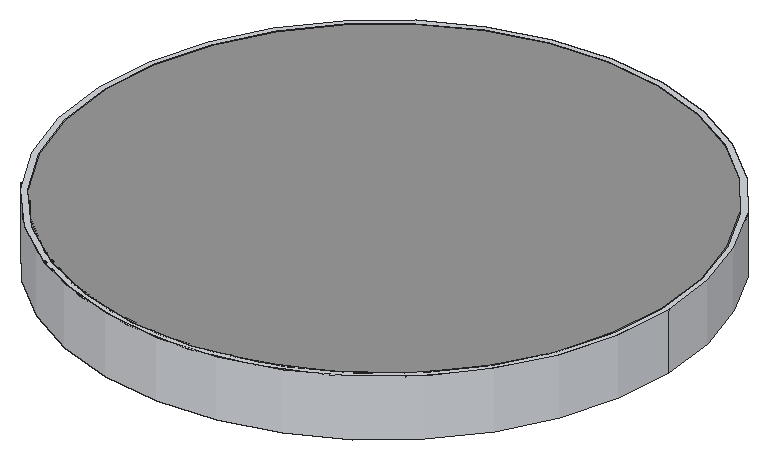
Revit family "2071171", category Lighting Fixtures, host Face, Revit 2018
Family settings
  Host = Face
  Round Connector Dimension = Use Diameter
  Part Type = Normal
  OmniClass Number = 23.80.70.00
  OmniClass Title = Lighting
  Cut with Voids When Loaded = No
  Light Source = Yes
  Shared = No
  Room Calculation Point = No
Parameters (values of type "2071171 COLOSSAL 600 830 PR DIR WHT SSA02")
  iner diameter = 588 mm
  Weight = "n/a"
  Wattage Comments = ""
  Wattage = 30 W
  WarrantyStartDate [instance] = "n/a"
  WarrantyGuarantorParts = "n/a"
  WarrantyDurationUnit = "n/a"
  WarrantyDurationParts = ""
  WarrantyDescription = "http://www.sylvania-lighting.com"
  built-in parameter 1150110 = 1 (stored number, unit not read)
  Voltage = 230 V
  URL = "0.95"
  TypeName = "COLOSSAL 600mm 830 PRISM DIR WHITE SSA02"
  Type Image = <None>
  Type Comments = "n/a"
  built-in parameter 1114217 = 1 (stored number, unit not read)
  Tilt Angle = -90.00°
  built-in parameter 1150109 = 1 (stored number, unit not read)
  built-in parameter 1150134 = (empty or 0)
  built-in parameter 1150113 = 1 (stored number, unit not read)
  SerialNumber [instance] = "n/a"
  Photometric Web File = "2071171.ies"
  Material_3_SYL = LED-Sylvania
  PowerFactor = 0
  PowerConsumption = "Lighting"
  NominalLength = 600 mm
  NominalHeight = 93 mm
  NominalDepth = 600 mm
  Name = "COLOSSAL 600mm 830 PRISM DIR WHITE SSA02"
  ModelReference = Name  # "COLOSSAL 600mm 830 PRISM DIR WHITE SSA02"
  ModelNumber = "2071171"
  Model = Name  # "COLOSSAL 600mm 830 PRISM DIR WHITE SSA02"
  Material = "Feilo Sylvania"
  ManufacturerName = "122 lm/W"
  Manufacturer = ""
  LuminousEfficacy = ""
  built-in parameter 1150105 = 270.44 (stored number, unit not read)
  Lumens = 3398.4 lm
  LuminaireType = "0"
  built-in parameter 1150115 = 1 (stored number, unit not read)
  LightOutputRatio = "LED"
  built-in parameter 1150137 = (empty or 0)
  built-in parameter 1150139 = (empty or 0)
  LampsType = Lamp  # "n/a"
  LampNominalLuminous = "3000 K"
  LampMacAdamStep = "80"
  LampColourTemperature = "LED"
  LampColourRenderingIndex = "16500"
  built-in parameter 1150112 = 1 (stored number, unit not read)
  built-in parameter 1150114 = 1 (stored number, unit not read)
  Lamp = "n/a"
  Keynote = "n/a"
  InstallationDate [instance] = "n/a"
  InputVoltage = "0"
  InputNominalFrequency = "3000"
  built-in parameter 1150132 = (empty or 0)
  built-in parameter 1150102 = (empty or 0)
  built-in parameter 1150107 = 3000 (stored number, unit not read)
  built-in parameter 1150138 = (empty or 0)
  IngressProtection = "IfcLightFixtureType"
  ImpactProtectionIndex = "IfcLightFixtureType"
  built-in parameter 1150106 = 2.7044 (stored number, unit not read)
  IfcExportType = "IfcLightFixtureType"
  IfcExportAs = "Class I"
  Emit from Circle Diameter = 385 mm
  Emit Shape Visible in Rendering = no
  ElectricShockClassification = "122"
  built-in parameter 1150104 = 10.524 (stored number, unit not read)
  DocumentationLiterature = "http://www.sylvania-lighting.com/product/en-int/products/2071171"
  DimmingControlOptions = "n/a"
  Material_2_SYL = Polycarbonate_Sylvania_White
  Dimming Lamp Color Temperature Shift = <None>
  Description = "600mm diameter circular architectural luminaire, can be surface mounted or suspended. Powder coated aluminium housing (RAL9016) with PMMA prismatic diffuser. Direct light distribution, 3805lm luminuous flux, 31.3W system power, 122lm/W luminiaire efficacy. Sylsmart Connected enabled. Colour rendering index Ra >80, 3000K Warm White LED, chromaticity tolerance of 3-step MacAdam ellipse. IP40, IK03. 350mA drive current. UGR≤19. Electrical protection Class1, 220-240V. Reported lifetime 66k hours L90B10."
  Default Elevation = 1219.2 mm
  CreatedOn = "23/03/2022"
  CreatedBy = "@sylvania-lighting.com"
  Cost = 0
  Color Filter = 16777215
  built-in parameter 1114216 [instance] = (empty or 0)
  ClassificationValue = "EF_70_80"
  ClassificationName = "Uniclass2015"
  Material_1_SYL = Polycarbonate_Sylvania_Opal
  BarCode [instance] = "n/a"
  built-in parameter 1114218 = 1 (stored number, unit not read)
  built-in parameter 1150133 = 10 (stored number, unit not read)
  AssetType = "Fixed"
  AssetIdentifier [instance] = "n/a"
  Assembly Code = "D5020200"
  Apparent Load = 31.3 VA
  Material_4_SYL = none
Reference planes
  plane 1 "Center (Front/Back)": y = 0
  plane 2: z = 0
  plane 3 "Center (Left/Right)": x = 0
  plane 4: x = -300
  plane 5: x = 300
  plane 6: y = 300
  plane 7: y = -300
  plane 8: y = 212
  plane 9: y = -212
  plane 10: z = 93
  plane 11: y = 294
  plane 12: y = -294
  plane 13: through (0, 0, 1219.2) normal (0.5, -0.866, 0)
  plane 14: through (-134.29, 20.617, 1219.2) normal (0.5, -0.866, 0)
  plane 15: through (-144.685, -181.683, 1219.2) normal (-0.5, 0.866, 0)
  plane 16: through (0, 0, 1219.2) normal (0.5, 0.866, 0)
  plane 17: through (178.555, -4.939, 1219.2) normal (0.5, 0.866, 0)
  plane 18: through (87.581, -148.715, 1219.2) normal (0.5, 0.866, 0)
  plane 19: y = 272
  plane 20: through (105.168, 227.067, 1219.2) normal (0.866, 0.5, 0)
  plane 21: through (-104.171, 225.672, 1219.2) normal (0.8572, -0.515, 0)
  plane 22: y = -204.612
  plane 23: through (-296.643, -30.2, 1219.2) normal (0.866, 0.5, 0)
  plane 24: through (153.092, -278.837, 1219.2) normal (-0.866, 0.5, 0)
Forms (mm)
  Extrusion 1, solid, detail levels medium+fine
    sketch origin (0, 0, 0) x (1, 0, 0) y (0, 1, 0)
      loop
        circle (0, 0) r 300
    from 33.023 to 93
  Extrusion 2, void
    sketch origin (0, 0, 0) x (1, 0, 0) y (0, 1, 0)
      loop
        circle (0, 0) r 294
    from 93 to 37.292
  Extrusion 3, solid, material "Glass, White, High Luminance", detail levels fine
    sketch origin (0, 0, 0) x (1, 0, 0) y (0, 1, 0)
      loop
        circle (0, 0) r 294
    from 88.026 to 93
  Extrusion 4, solid, detail levels coarse
    sketch origin (0, 0, 0) x (1, 0, 0) y (0, 1, 0)
      loop
        line (-300, 300) -> (-300, -300) -> (300, -300) -> (300, 300) -> (-300, 300)
    from 0 to 93
  Blend 5, solid, detail levels medium+fine
    base sketch origin (0, 0, 0) x (1, 0, 0) y (0, 1, 0)
      loop
        line (-76.334, 272) -> (-277.665, -63.07) -> (-195.946, -204.612) -> (195.946, -204.612) -> (275.172, -67.388) -> (79.226, 272) -> (-76.334, 272)
    top sketch origin (0, 0, 0) x (1, 0, 0) y (0, 1, 0)
      loop
        line (-226.097, -32.388) -> (-141.097, -179.612) -> (141.097, -179.612) -> (226.097, -32.388) -> (85, 212) -> (-85, 212) -> (-226.097, -32.388)
    from 33.023 to 0
Cuts and joins
  Extrusion 2 cuts Extrusion 1
Lines and regions (mm)
  model lines
    curve 1: line (-85, 212, 0) -> (0, 212, 0)
    curve 2: line (0, 212, 0) -> (85, 212, 0)
Dimensions and locks
  "NominalDepth": plane 6 to plane 7
  "NominalLength": plane 4 to plane 5
  equal spacing: plane 4, plane 3 "Center (Left/Right)", plane 5
  "iner diameter": plane 11 to plane 12
  equal spacing: plane 11, plane 1 "Center (Front/Back)", plane 12
  equal spacing: plane 6, plane 1 "Center (Front/Back)", plane 7
  "NominalHeight": plane 10 to level
  radius of Extrusion 2 sketch curve = 294 mm
  aligned and locked: plane 2 to host face
  aligned and locked: level to host face
Automatic sketch dimensions
  host sketch curve to host sketch curve = 2438.4 mm  (x2)
  plane 1 "Center (Front/Back)" to Extrusion 1 sketch curve = 0 mm
  Extrusion 1 sketch curve to plane 3 "Center (Left/Right)" = 0 mm
  plane 1 "Center (Front/Back)" to Extrusion 2 sketch curve = 0 mm
  Extrusion 2 sketch curve to plane 3 "Center (Left/Right)" = 0 mm
  plane 1 "Center (Front/Back)" to Extrusion 3 sketch curve = 0 mm
  Extrusion 3 sketch curve to plane 3 "Center (Left/Right)" = 0 mm
  Extrusion 4 sketch curve to plane 4 = 0 mm
  Extrusion 4 sketch curve to plane 5 = 0 mm
  Extrusion 4 sketch curve to plane 7 = 0 mm
  Extrusion 4 sketch curve to plane 6 = 0 mm
  Blend 5 sketch curve to plane 8 = 0 mm
  Blend 5 sketch curve to plane 3 "Center (Left/Right)" = 85 mm
  plane 3 "Center (Left/Right)" to Blend 5 sketch curve = 85 mm
  plane 9 to Blend 5 sketch curve = 32.388 mm
  plane 3 "Center (Left/Right)" to Blend 5 sketch curve = 141.097 mm
  plane 1 "Center (Front/Back)" to Blend 5 sketch curve = 32.388 mm  (x2)
  Blend 5 sketch curve to plane 5 = 73.903 mm
  Blend 5 sketch curve to plane 3 "Center (Left/Right)" = 141.097 mm
  plane 4 to Blend 5 sketch curve = 73.903 mm
  curve 1 to plane 8 = 0 mm
  curve 2 to plane 3 "Center (Left/Right)" = 0 mm
  curve 1 to plane 3 "Center (Left/Right)" = 85 mm
  curve 1 to curve 2 = 85 mm
  Blend 5 sketch curve to plane 21 = 0 mm
  Blend 5 sketch curve to plane 23 = 0 mm  (x2)
  Blend 5 sketch curve to plane 22 = 0 mm
  Blend 5 sketch curve to plane 19 = 0 mm
  plane 21 to Blend 5 sketch curve = 0 mm
  Blend 5 sketch curve to plane 20 = 0 mm  (x2)
  Blend 5 sketch curve to plane 24 = 0 mm  (x2)
  radius of Extrusion 1 sketch curve = 300 mm
  radius of Extrusion 3 sketch curve = 294 mm
Connectors
  electrical at (0, 0, 0), driven by "Apparent Load", driven by "PowerFactor", driven by "Voltage"
    settings: index 1, voltage 230 V, apparent load 31.3 VA, apparent load phase1 0 VA, apparent load phase2 0 VA, apparent load phase3 0 VA, power factor 0, load classification "Lighting", number of poles 1, system type 30, power factor state 1, is connector primary yes, connector utility no, sub classification motor no, connector description ""
